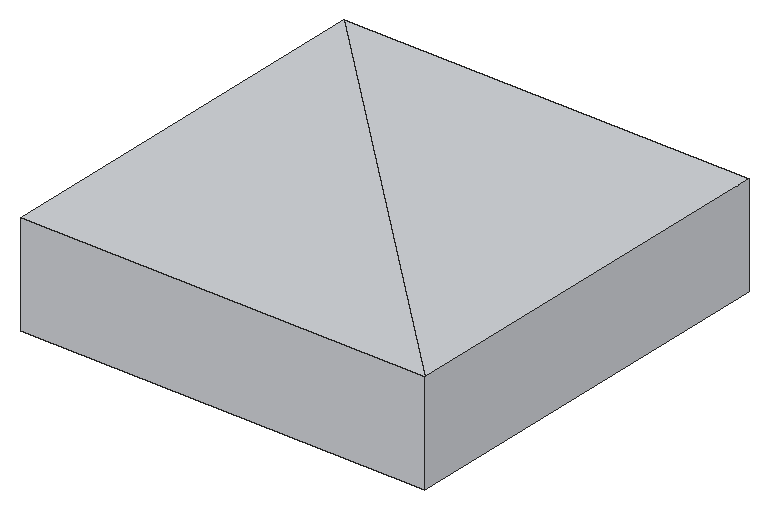
Revit family "電線管用ファミリ(片側のみ)_29", category Electrical Fixtures, Revit 2021
Family settings
  Maintain Annotation Orientation = Yes
  Round Connector Dimension = Use Diameter
  Part Type = Normal
  OmniClass Number = 23.80.00.00
  OmniClass Title = Electric Power and Lighting
  Work Plane-Based = No
  Always vertical = Yes
  Cut with Voids When Loaded = No
  Shared = No
  Room Calculation Point = No
Parameters
  コネクタ直径 [instance] = 16 mm
  W [instance] = 200 mm
  Default Elevation = 0 mm
  D [instance] = 200 mm
Reference planes
  plane 1 "Center (Front/Back)": y = 0
  plane 2: z = 0
  plane 3 "Center (Left/Right)": x = 0
  plane 4: x = -100
  plane 5: x = 100
  plane 6: y = 100
  plane 7: y = -100
  plane 8: z = 50
Forms (mm)
  Extrusion 1, solid
    sketch origin (0, 0, 0) x (1, 0, 0) y (0, 1, 0)
      loop
        line (-100, 100) -> (-100, -100) -> (100, -100) -> (100, 100) -> (-100, 100)
    from 0 to 50
  Extrusion 2, solid
    sketch origin (0, 0, 0) x (1, 0, 0) y (0, 1, 0)
      loop
        line (-100, 100) -> (-100, -100) -> (100, -100) -> (-100, 100)
    from 0 to 50
Dimensions and locks
  equal spacing: plane 4, plane 3 "Center (Left/Right)", plane 5
  "W": plane 4 to plane 5
  equal spacing: plane 6, plane 1 "Center (Front/Back)", plane 7
  "D": plane 6 to plane 7
  aligned and locked: level to plane 2
  aligned and locked: Extrusion 1 sketch curve to plane 6
  aligned and locked: plane 4 to Extrusion 1 sketch curve
  aligned and locked: plane 7 to Extrusion 1 sketch curve
  aligned and locked: Extrusion 1 sketch curve to plane 5
  aligned and locked: plane 8 to Extrusion 1
Automatic sketch dimensions
  Extrusion 2 sketch curve to plane 4 = 0 mm
  Extrusion 2 sketch curve to plane 5 = 0 mm
  Extrusion 2 sketch curve to plane 7 = 0 mm
  Extrusion 2 sketch curve to plane 6 = 0 mm
Connectors
  cabletrayconduit at (0, 0, 50), diameter 16
    settings: on Extrusion 1, index 1, connector width 300 mm, connector height 300 mm, connector angle 0.00°, system type 32, placement type 0, profile type 0, connector reference index -1, is primary connector yes, connector utility param no, connector description ""
